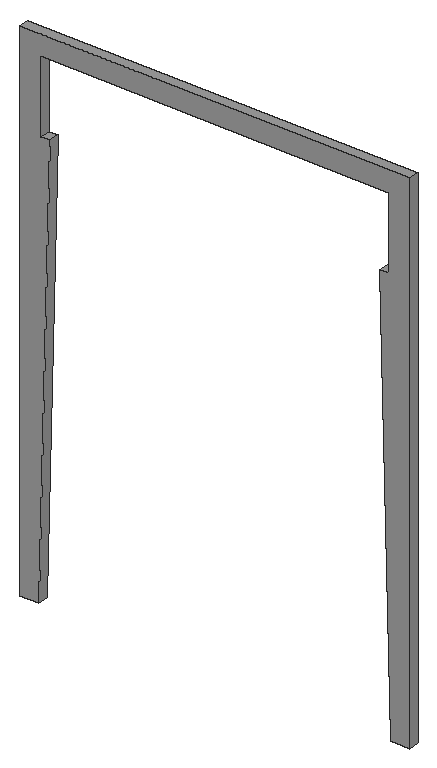
Revit family "Pilar_Con_Ponte", category Structural Columns, Revit 2020
Family settings
  Display in Hidden Views = Edges Hidden by Other Members
  Section Shape = Not Defined
  Material for Model Behavior = Concrete
  Always export as geometry = Yes
  Beam cutback in plan = From bounding box
  OmniClass Number = 23.25.30.11.14.11
  OmniClass Title = Columns
  Cut with Voids When Loaded = No
  Symbolic Representation = From Family
  Shared = No
  Show family pre-cut in plan views = Yes
Parameters (values of type "PIL_PBI_PON")
  Structural Material [instance] = Default
  Profundidade_Fundacao [instance] = 4.400 m
  Depth = 0.500 m
  Width = 0.500 m
  Altura_Apoio_Superior [instance] = 16.000 m
Reference planes (m)
  plane 1 "Center (Front/Back)": y = 0
  plane 2: z = 0
  plane 3 "Center (Left/Right)": x = 0
  plane 4: x = -9.5
  plane 5: x = 9.5
  plane 6: y = 0.25
  plane 7: y = -0.25
  plane 8: z = -4.4
  plane 9: z = 16
Forms (m)
  Extrusion 1, solid, material "Default" <- "Structural Material"
    sketch origin (0, 0.125, 0) x (1, 0, 0) y (0, 0, 1)
      loop
        line (-8.5, 16) -> (-8.5, 19.5) -> (8.5, 19.5) -> (8.5, 16) -> (8.056776, 16) -> (8.5778, -4.4) -> (9.5, -4.4) -> (9.5, 20.5) -> (-9.5, 20.5) -> (-9.5, -4.4) -> (-8.588855, -4.4) -> (-8.056285, 16) -> (-8.5, 16)
    from -0.125 to 0.375
Dimensions and locks (m)
  equal spacing: plane 6, plane 1 "Center (Front/Back)", plane 7
  "Width": plane 6 to plane 7
  locked: Extrusion 1 to Extrusion 1 at 1
  "Profundidade_Fundacao": level to plane 8
  "Altura_Apoio_Superior": plane 9 to level
  aligned and locked: level to plane 2
  aligned and locked: Extrusion 1 sketch curve to level
  aligned and locked: plane 4 to Extrusion 1 sketch curve
  aligned and locked: plane 5 to Extrusion 1 sketch curve
  aligned and locked: plane 6 to Extrusion 1
  aligned and locked: plane 7 to Extrusion 1
  aligned and locked: plane 9 to Extrusion 1  (x2)
Automatic sketch dimensions
  plane 8 to Extrusion 1 sketch curve = 0.000 m  (x2)
  Extrusion 1 sketch curve to Extrusion 1 sketch curve = 0.911145 m
  plane 4 to Extrusion 1 sketch curve = 1.000 m
  Extrusion 1 sketch curve to Extrusion 1 sketch curve = 0.443715 m
  plane 5 to Extrusion 1 sketch curve = 1.443224 m
  plane 5 to Extrusion 1 sketch curve = 1.000 m
  Extrusion 1 sketch curve to level = 1.000 m
  Extrusion 1 sketch curve to Extrusion 1 sketch curve = 0.9222 m
  Extrusion 1 sketch curve to Extrusion 1 sketch curve = 3.500 m  (x2)
